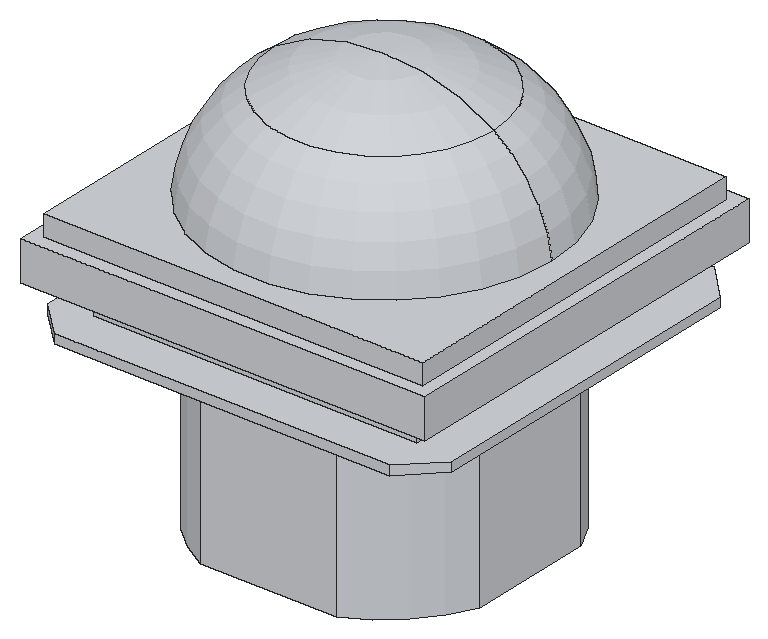
Revit family "Gira_126567", category Electrical Fixtures, host Face, Revit 2017
Family settings
  Host = Face
  Maintain Annotation Orientation = Yes
  Round Connector Dimension = Use Diameter
  Part Type = Normal
  Cut with Voids When Loaded = No
  Shared = No
  Room Calculation Point = No
Parameters (values of type "Farbkamera Türstation Gira TX_44 (WG UP) Anthrazit")
  Werkstoff = "sonstige"
  Verfügbar = "Ja"
  URL = "http://katalog.gira.de/de_DE/datenblatt.html?artikelnr=126567"
  Region = "DE"
  Name = "Farbkamera Türstation Gira TX_44 (WG UP) Anthrazit"
  Montageart = "Einbau"
  Manufacturer URL = "https://www.gira.de/"
  Kategorie = "Externe Kamera für Türkommunikation"
  Installationstechnik = "Bus-System"
  Manufacturer = "Gira"
  HeinzeBIM = "https://bimportal.heinze.de/bim/farbkamera-tuerstation-gira-tx-44-wg-up-anthrazit/1ab6765ebc835644af394327eca94d11931af2ca"
  HAN = "126567"
  GTIN = "4010337265672"
  Farbe = "anthrazit"
  Description = "Farbkamera für Türstation  Anthrazit Merkmale: - Montage in eine handelsübliche Unterputz-Gerätedose. - Passend in die Abdeckrahmen des Schalterprogramms Gira TX_44. - Modularer Aufbau, somit einfache Montage und Erweiterbarkeit. - Signalübertragung und Versorgung der Audio- und Videokomponenten über verpolungssicheren und kurzschlussfesten 2-Draht-Bus. - Erweiterung der Türstationen um eine Farbkamera mit automatischer Tag- bzw. Nachtumschaltung. - Leuchtdioden sorgen im Nachtbetrieb für eine gleichmäßige Gesichtsfeldausleuchtung im Nahbereich. - Kamera horizontal und vertikal um 20 manuell schwenkbar. In Kombination mit dem Weitwinkelobjektiv ergibt sich daraus ein sehr großer Sichtwinkel im Türeingangsbereich. - Automatische Gegenlichtkompensation. - Automatischer Weißabgleich. - Automatische Verstärkungsregelung (AGC). - Integrierte temperaturabhängige Kameraheizung. - Spritzwasserdichte Abdeckung. - Kameraabdeckung aus schlagfestem Kunststoff, bei Beschädigung, z. B. durch Vandalismus, leicht austauschbar.  Hinweise : - Die Farbkamera darf nicht direkt unter einer Leuchte angeordnet werden. - Geeignet zum Einsatz in Gira Energiesäule. - Nicht geeignet zum Einsatz in Gira Energiesäule mit Licht."
  Keynote = "TX44_Komplettgerät_Kamera"
  Default Elevation = 1219.2 mm
  Data sheet (1) = "https://katalog.gira.de/de_DE/download.html?artikelnr=126567"
  Category = "Externe Kamera für Türkommunikation"
  BIM (1) = "https://media.live.bim.site/public/gira/9fde4c0/TX44_Komplettgerät_Kamera.rfa?public/gira/9fde4c0/TX44_Komplettgerät_Kamera.rfa"
  Available = "Yes"
Reference planes
  plane 1 "Center (Front/Back)": y = 0
  plane 2: z = 0
  plane 3 "Center (Left/Right)": x = 0
Forms (mm)
  Revolve 1, solid, detail levels fine
    sketch origin (0, 0, 0) x (1, 0, 0) y (0, 0, 1)
      loop
        arc (0, 32.748) -> (-9.934, 31.444) -> (-19.061, 27.309) r 34.111
        arc (-19.061, 27.309) -> (-26.095, 20.079) -> (-29.256, 10.5) r 22.465
        line (-29.256, 10.5) -> (0, 10.5) -> (0, 32.748)
      axis (0, 32.748) -> (0, 10.5)
    angle from 0 to 360
  Extrusion 2, solid, detail levels fine
    sketch origin (0, 0, 0) x (1, 0, 0) y (0, 1, 0)
      loop
        line (-33.15, 33.15) -> (-33.15, -33.15) -> (33.15, -33.15) -> (33.15, 33.15) -> (-33.15, 33.15)
    from 6.9 to 10.5
  Extrusion 3, solid, detail levels fine
    sketch origin (0, 0, 0) x (1, 0, 0) y (0, 1, 0)
      loop
        line (-35.383, -35.464) -> (35.383, -35.464) -> (35.383, 35.383) -> (-35.383, 35.383) -> (-35.383, -35.464)
    from 0 to 6.9
  Extrusion 4, solid, detail levels fine
    sketch origin (0, 0, 0) x (1, 0, 0) y (0, 1, 0)
      loop
        line (-25.6, 11.011) -> (-25.6, -11.175)
        arc (-25.6, -11.175) -> (-20.039, -19.494) -> (-11.9, -25.317) r 27.9
        line (-11.9, -25.317) -> (11.9, -25.317)
        arc (11.9, -25.317) -> (20.039, -19.494) -> (25.6, -11.175) r 27.9
        line (25.6, -11.175) -> (25.6, 11.011)
        arc (25.6, 11.011) -> (19.903, 19.47) -> (11.547, 25.317) r 27.9
        line (11.547, 25.317) -> (-11.547, 25.317)
        arc (-11.547, 25.317) -> (-19.903, 19.47) -> (-25.6, 11.011) r 27.9
    from -40.35 to -7.55
  Extrusion 5, solid, detail levels fine
    sketch origin (0, 0, 0) x (1, 0, 0) y (0, 1, 0)
      loop
        line (-29.35, 35.268) -> (-35.35, 29.268) -> (-35.35, -29.432) -> (-29.35, -35.432) -> (29.35, -35.432) -> (35.35, -29.432) -> (35.35, 29.268) -> (29.35, 35.268) -> (-29.35, 35.268)
    from -7.55 to -5.95
  Extrusion 6, solid, detail levels medium+fine
    sketch origin (0, 0, 0) x (1, 0, 0) y (0, 1, 0)
      loop
        line (-28.231, 28.231) -> (-28.231, -28.231) -> (28.231, -28.231) -> (28.231, 28.231) -> (-28.231, 28.231)
    from -5.95 to 0
  Extrusion 7, solid, detail levels fine
    sketch origin (0, 0, 0) x (1, 0, 0) y (0, 0, 1)
      loop
        line (-7.147, -40.35) -> (-7.147, -46.05) -> (7.153, -46.05) -> (7.153, -40.35) -> (-7.147, -40.35)
    from -22.856 to -17.807
  Extrusion 8, solid, detail levels medium
    sketch origin (0, 0, 0) x (1, 0, 0) y (0, 1, 0)
      loop
        line (-25.6, -25.317) -> (25.6, -25.317) -> (25.6, 25.317) -> (-25.6, 25.317) -> (-25.6, -25.317)
    from -46.05 to -7.55
  Extrusion 9, solid, detail levels medium
    sketch origin (0, 0, 0) x (1, 0, 0) y (0, 1, 0)
      loop
        line (35.35, 35.268) -> (-35.35, 35.268) -> (-35.35, -35.432) -> (35.35, -35.432) -> (35.35, 35.268)
    from -7.55 to -5.95
  Extrusion 10, solid, detail levels medium
    sketch origin (0, 0, 0) x (1, 0, 0) y (0, 1, 0)
      loop
        line (-35.383, -35.464) -> (35.383, -35.464) -> (35.383, 35.383) -> (-35.383, 35.383) -> (-35.383, -35.464)
    from 0 to 10.5
  Extrusion 11, solid, detail levels medium
    sketch origin (0, 0, 0) x (1, 0, 0) y (0, 1, 0)
      loop
        circle (0, 0) r 29.256
    from 10.5 to 32.8
  Extrusion 12, solid, detail levels coarse
    sketch origin (0, 0, 0) x (1, 0, 0) y (0, 1, 0)
      loop
        line (-35.383, -35.464) -> (35.383, -35.464) -> (35.383, 35.383) -> (-35.383, 35.383) -> (-35.383, -35.464)
    from -46.05 to 32.8
Dimensions and locks
  aligned and locked: plane 2 to host face
  aligned and locked: level to host face
  aligned and locked: plane 3 "Center (Left/Right)" to nested 1
  aligned and locked: plane 1 "Center (Front/Back)" to nested 1
Nested families
  nested 1: "Kamera" at (0, 0, 0), type "Kamera"
Connectors
  electrical at (0, -0.041, -46.05)
    settings: on Extrusion 12, index 1, voltage 220 V, apparent load 0 VA, apparent load phase1 0 VA, apparent load phase2 0 VA, apparent load phase3 0 VA, power factor 1, load classification "Other", number of poles 1, system type 30, power factor state 1, is connector primary yes, connector utility no, sub classification motor no, connector description ""
Definition of nested family "Kamera"
  Reference planes
    plane 1: y = 0
    plane 2: x = 0
  Lines and regions (mm)
    detail lines
      curve 1: line (-2.625, 3, 0) -> (-2.625, 0, 0)
      curve 2: line (-2.625, 0, 0) -> (1.746, 0, 0)
      curve 3: line (-2.625, 3, 0) -> (1.746, 3, 0)
      curve 4: line (-1.736, 2.158, 0) -> (-1.736, 0.828, 0)
      curve 5: line (-1.736, 2.158, 0) -> (1.478, 2.158, 0)
      curve 6: line (-1.736, 0.828, 0) -> (1.478, 0.828, 0)
      curve 7: line (1.746, 3, 0) -> (1.746, 2.3, 0)
      curve 8: line (1.478, 2.158, 0) -> (2.625, 2.768, 0)
      curve 9: line (2.625, 0.218, 0) -> (2.625, 2.768, 0)
      curve 10: line (1.478, 0.828, 0) -> (2.625, 0.218, 0)
      curve 11: line (1.746, 0, 0) -> (1.746, 0.685, 0)
